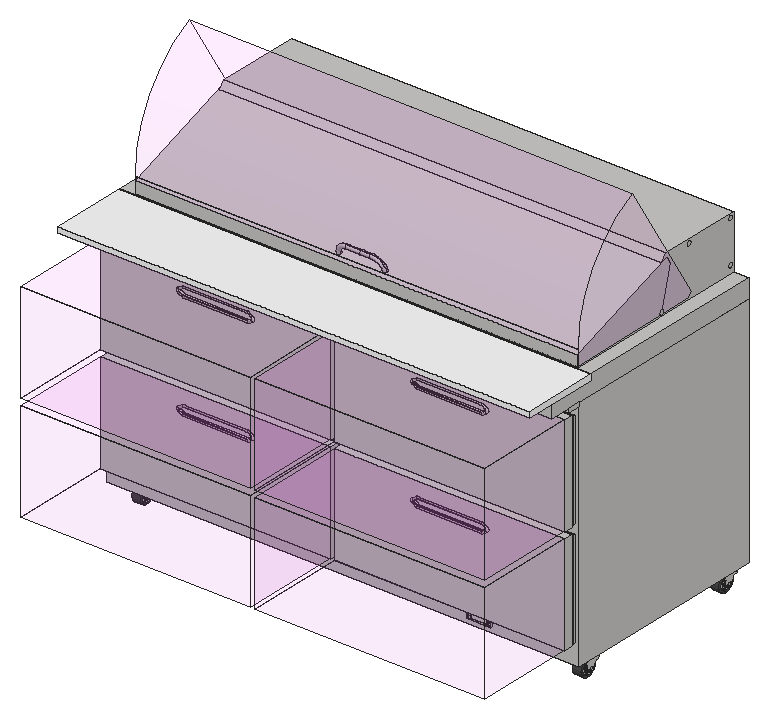
Revit family "QF_Kelvinator_738288_KCHMT60.24.2D_4-Drawer_Mega_Top_Prep_Table_60_Long", category Specialty Equipment, Revit 2021
Family settings
  Round Connector Dimension = Use Diameter
  Part Type = Normal
  Work Plane-Based = No
  Always vertical = Yes
  Cut with Voids When Loaded = No
  Shared = No
  Room Calculation Point = No
Parameters
  Weight in Pounds = 385.809
  Watts = 800 W
  Volts = 115 V
  URL Cutsheet = ""
  Specification by User = ""
  Specification by Manufacturer = ""
  Serial Number = ""
  Seismic Rating = ""
  SMACNA No = ""
  Revision Code = ""
  Refrigerant Type [instance] = "R290"
  Phase = 1
  Number of Poles = 1
  NAFEM Spec ID Number = ""
  Model = "738288 (KCHMT60.18.4D)"
  Min Ckt Ampacity = 0 A
  Max Overcurrent Protection = 0 A
  Masterspec = ""
  Manufacturer = "Kelvinator Commercial"
  Length = 61.220"
  Item Number = "738288"
  Installed By = ""
  Identify Quantity as Lot = yes
  Height = 43.307"
  HP = "1/3"
  Furnished By = ""
  Foodservice Equipment Identifier = yes
  FL Amps = 4.3 A
  Electrical Remarks = ""
  Electric Connection Type = ""
  Elec Conn RI Height = 0.000"
  Elec Conn Connection Height = 0.000"
  Description = "4-Drawer Mega Top Prep Table 61\" Long"
  Depth = 35.433"
  Default Elevation = 0.000"
  Cycle = 60 Hz
  Conn Plug = "5-15P"
  Conn Conduit = yes
  CSI MasterFormat = ""
  Apparent Power = 0 VA
Reference planes (in)
  plane 1 "BACK": y = 0
  plane 2: z = 0
  plane 3 "LEFT": x = 0
  plane 4 "RIGHT": x = 61.22
  plane 5 "FRONT": y = -35.433
  plane 6 "TOP": z = 43.307
  plane 7 "Center Y": x = 30.61
  plane 8 "Center X": y = -17.7165
Dimensions and locks (in)
  equal spacing: plane 3 "LEFT", plane 7 "Center Y", plane 4 "RIGHT"
  "Length": plane 3 "LEFT" to plane 4 "RIGHT"
  equal spacing: plane 5 "FRONT", plane 8 "Center X", plane 1 "BACK"
  "Depth": plane 5 "FRONT" to plane 1 "BACK"
  "Height": plane 6 "TOP" to level
  aligned and locked: level to plane 2
Nested families (in)
  nested 1: "KCHST" at (0, 0, 0), type "KCHST"
    with Show Clearance yes
Connectors (in)
  electrical at (30.595, -0.87772, 2.31881), driven by "Volts", driven by "Watts"
    settings: on nested 1, index 1, voltage 115 V, apparent load 800 VA, apparent load phase1 0 VA, apparent load phase2 0 VA, apparent load phase3 0 VA, power factor 1, load classification "Power", number of poles 1, system type 30, power factor state 1, is connector primary yes, connector utility no, sub classification motor no, connector description "Electrical Connection"
Definition of nested family "KCHST"
  Parameters (values of type "KCHST")
    Weight in Pounds = 0
    URL Cutsheet = ""
    Specification by User = ""
    Specification by Manufacturer = ""
    Show Clearance [instance] = yes
    Serial Number = ""
    Seismic Rating = ""
    SMACNA No = ""
    Revision Code = ""
    NAFEM Spec ID Number = ""
    Masterspec = ""
    Length = 61.220"
    Item Number = ""
    Installed By = ""
    Identify Quantity as Lot = yes
    Height = 43.307"
    Furnished By = ""
    Foodservice Equipment Identifier = yes
    Depth = 35.433"
    Default Elevation = 0.000"
    CSI MasterFormat = ""
  Reference planes (in)
    plane 1 "BACK": y = 0
    plane 2: z = 0
    plane 3 "LEFT": x = 0
    plane 4 "RIGHT": x = 61.22
    plane 5 "FRONT": y = -35.433
    plane 6 "TOP": z = 43.307
    plane 7 "Center Y": x = 30.61
    plane 8 "Center X": y = -17.7165
    plane 9: z = 3.1
    plane 10: z = 33.9
    plane 11: y = -25.5
    plane 12: z = 36.307
    plane 13: y = -56
    plane 14: y = -29.2
    plane 15: z = 32.4
    plane 16: z = 5.6
    plane 17: y = -27.5
    plane 18: x = 59.22
    plane 19: x = 2
    plane 20: x = 15.42351
    plane 21: x = 45.82976
    plane 22: x = 59.345
    plane 23: x = 1.875
    plane 24: x = 1.945
    plane 25: x = 59.275
    plane 26: x = 0.5
    plane 27: x = 60.72
    plane 28: y = -31.9
    plane 29: z = 19.4
    plane 30: z = 18.6
    plane 31: z = 19.6
    plane 32: z = 5.8
  Forms (in)
    Extrusion 1, solid
      sketch origin (0, 0, 0) x (0, 1, 0) y (0, 0, 1)
        loop
          line (-27.5, 33.9) -> (-27.5, 3.1) -> (0, 3.1) -> (0, 33.9) -> (-27.5, 33.9)
      from 0 to 61.22
    Extrusion 2, solid
      sketch origin (0, 0, 0) x (0, 1, 0) y (0, 0, 1)
        loop
          line (-25.5, 36.307) -> (-25.5, 35.557) -> (-31.9, 35.557) -> (-31.9, 33.9) -> (0, 33.9) -> (0, 36.307) -> (-25.5, 36.307)
      from 0 to 61.22
    Extrusion 3, solid
      sketch origin (0, 0, 0) x (0, 1, 0) y (0, 0, 1)
        loop
          line (-35.433, 36.307) -> (-35.433, 35.557) -> (-25.5, 35.557) -> (-25.5, 36.307) -> (-35.433, 36.307)
      from 0 to 61.22
    Extrusion 4, solid
      sketch origin (0, 0, 0) x (0, 1, 0) y (0, 0, 1)
        loop
          line (-25.25, 36.307) -> (-12.40435, 36.3073)
          arc (-12.40435, 36.3073) -> (-12.06401, 36.40719) -> (-11.82007, 36.66468) r 0.68096
          line (-11.82007, 36.66468) -> (-10.4206, 41.90007) -> (-10.85311, 42.7135) -> (-25.25, 37.807) -> (-25.25, 36.307)
      from 1.875 to 59.345
    Extrusion 5, solid
      sketch origin (0, 0, 0) x (0, 1, 0) y (0, 0, 1)
        loop
          line (-12.40434, 36.307) -> (0, 36.307) -> (0, 43.307) -> (-10.99775, 43.307) -> (-11.58118, 42.47377) -> (-10.85311, 42.7135) -> (-10.4206, 41.90007) -> (-11.82007, 36.66468)
          arc (-11.82007, 36.66468) -> (-12.06401, 36.40719) -> (-12.40434, 36.307) r 0.68096
      from 1.945 to 59.275
    Extrusion 6, solid
      sketch origin (59.345, 4.71875, 0) x (0, 1, 0) y (0, 0, 1)
        loop
          circle (-16.51178, 36.83247) r 0.25
      from 0 to 0.07437
    Extrusion 7, solid
      sketch origin (59.275, -0.03482, 0) x (0, 1, 0) y (0, 0, 1)
        loop
          circle (-0.51178, 37.33247) r 0.25
      from 0 to 0.07
    Extrusion 8, solid
      sketch origin (59.275, -0.03482, 0) x (0, 1, 0) y (0, 0, 1)
        loop
          circle (-0.51178, 42.84497) r 0.25
      from 0 to 0.07
    Extrusion 9, solid
      sketch origin (59.275, -0.03482, 0) x (0, 1, 0) y (0, 0, 1)
        loop
          circle (-7.26178, 42.84497) r 0.25
      from 0 to 0.07
    Extrusion 10, solid
      sketch origin (1.945, 0, 0) x (0, -1, 0) y (0, 0, 1)
        loop
          circle (0.5466, 37.33247) r 0.25
      from 0 to 0.07
    Extrusion 11, solid
      sketch origin (1.945, 0, 0) x (0, -1, 0) y (0, 0, 1)
        loop
          circle (0.5466, 42.84497) r 0.25
      from 0 to 0.07
    Extrusion 12, solid
      sketch origin (1.945, 0, 0) x (0, -1, 0) y (0, 0, 1)
        loop
          circle (7.2966, 42.84497) r 0.25
      from 0 to 0.07
    Sweep 13, solid
      path origin (0, 3.95717, 8.33321) x (1, 0, 0) y (0, -0.312748, 0.949836)
        loop
          line (28.2975, 37.02813) -> (28.2975, 37.18438)
          arc (28.2975, 37.18438) -> (28.51717, 37.71471) -> (29.0475, 37.93438) r 0.75
          line (29.0475, 37.93438) -> (30.9225, 37.93438) -> (32.1725, 37.93438)
          arc (32.1725, 37.93438) -> (32.70283, 37.71471) -> (32.9225, 37.18438) r 0.75
          line (32.9225, 37.18438) -> (32.9225, 37.02813)
      profile origin (31.5475, -7.90674, 44.36465) x (0, -0.312748, 0.949836) y (0, -0.949836, -0.312748)
        loop
          circle (0.69146, 17.59878) r 0.25
    Extrusion 14, solid
      sketch origin (0, 0, 0) x (0, 1, 0) y (0, 0, 1)
        loop
          line (-29.2, 33.9) -> (-29.2, 33.4) -> (-27.5, 33.4) -> (-27.5, 33.9) -> (-29.2, 33.9)
      from 0 to 61.22
    Extrusion 15, solid
      sketch origin (30.61, 6.90541, 48) x (0, 1, 0) y (0, 0, 1)
        loop
          line (-36.10541, -15.6) -> (-36.10541, -28.6) -> (-34.95211, -28.6) -> (-34.95211, -15.6) -> (-36.10541, -15.6)
      from -0.25 to -30.125
    Extrusion 16, solid
      sketch origin (0, 0, 0) x (0, 1, 0) y (0, 0, 1)
        loop
          line (-28.04671, 32.20449) -> (-28.04671, 19.6) -> (-27.79671, 19.6) -> (-27.79671, 32.20449) -> (-28.04671, 32.20449)
      from 0.74536 to 30.10166
    Extrusion 17, solid
      sketch origin (0, 0.25, 0) x (0, 1, 0) y (0, 0, 1)
        loop
          line (-28.04671, 32.20449) -> (-28.04671, 19.6) -> (-27.864, 19.6) -> (-27.864, 32.20449) -> (-28.04671, 32.20449)
      from 0.74536 to 30.10166
    Extrusion 18, solid
      sketch origin (0, 0.4327, 0) x (0, 1, 0) y (0, 0, 1)
        loop
          line (-28.04671, 32.20449) -> (-28.04671, 19.6) -> (-27.9327, 19.6) -> (-27.9327, 32.20449) -> (-28.04671, 32.20449)
      from 0.74536 to 30.10166
    Extrusion 19, solid
      sketch origin (-5.72957, -27.5, -4.77927) x (-1, 0, 0) y (0, 0, 1)
        loop
          line (-52.44258, 9.70772) -> (-55.59219, 9.70772) -> (-55.59219, 8.52662) -> (-52.44258, 8.52662) -> (-52.44258, 9.70772)
        loop
          line (-52.52132, 9.63107) -> (-52.91503, 9.63107) -> (-52.91503, 9.31193) -> (-52.52132, 9.31193) -> (-52.52132, 9.63107)
        loop
          line (-52.52132, 9.27674) -> (-52.91503, 9.27674) -> (-52.91503, 8.9576) -> (-52.52132, 8.9576) -> (-52.52132, 9.27674)
        loop
          line (-52.52132, 8.92241) -> (-52.91503, 8.92241) -> (-52.91503, 8.60327) -> (-52.52132, 8.60327) -> (-52.52132, 8.92241)
        loop
          line (-55.51345, 9.63107) -> (-55.51345, 9.31193) -> (-55.11975, 9.31193) -> (-55.11975, 9.63107) -> (-55.51345, 9.63107)
        loop
          line (-55.51345, 9.27674) -> (-55.51345, 8.9576) -> (-55.11975, 8.9576) -> (-55.11975, 9.27674) -> (-55.51345, 9.27674)
        loop
          line (-55.51345, 8.92241) -> (-55.51345, 8.60327) -> (-55.11975, 8.60327) -> (-55.11975, 8.92241) -> (-55.51345, 8.92241)
        loop
          line (-52.99251, 9.63107) -> (-55.04227, 9.63107) -> (-55.04227, 8.60716) -> (-52.99251, 8.60716) -> (-52.99251, 9.63107)
      from 0.07874 to -0.04602
    Extrusion 20, solid
      sketch origin (-5.72957, -27.54602, -4.77927) x (1, 0, 0) y (0, 0, 1)
        loop
          line (55.11975, 9.63107) -> (55.11975, 9.31193) -> (55.51345, 9.31193) -> (55.51345, 9.63107) -> (55.11975, 9.63107)
        loop
          line (55.11975, 9.27674) -> (55.11975, 8.9576) -> (55.51345, 8.9576) -> (55.51345, 9.27674) -> (55.11975, 9.27674)
        loop
          line (55.11975, 8.92241) -> (55.11975, 8.60327) -> (55.51345, 8.60327) -> (55.51345, 8.92241) -> (55.11975, 8.92241)
        loop
          line (52.91503, 9.63107) -> (52.52132, 9.63107) -> (52.52132, 9.31193) -> (52.91503, 9.31193) -> (52.91503, 9.63107)
        loop
          line (52.91503, 9.27674) -> (52.52132, 9.27674) -> (52.52132, 8.9576) -> (52.91503, 8.9576) -> (52.91503, 9.27674)
        loop
          line (52.91503, 8.92241) -> (52.52132, 8.92241) -> (52.52132, 8.60327) -> (52.91503, 8.60327) -> (52.91503, 8.92241)
      from 0 to -0.07874
    Extrusion 21, solid
      sketch origin (-5.72957, -27.54602, -4.77927) x (1, 0, 0) y (0, 0, 1)
        loop
          line (52.99251, 9.63107) -> (52.99251, 8.60716) -> (55.04227, 8.60716) -> (55.04227, 9.63107) -> (52.99251, 9.63107)
      from 0 to -0.07874
    Extrusion 22, void
      sketch origin (-5.72957, -27.5, -4.77927) x (-1, 0, 0) y (0, 0, 1)
        loop
          line (-52.44258, 9.70772) -> (-55.59219, 9.70772) -> (-55.59219, 8.52662) -> (-52.44258, 8.52662) -> (-52.44258, 9.70772)
      from 0 to 0.07874
    Extrusion 23, void
      sketch origin (-37.40318, -29.19996, 32.3306) x (0, 0, 1) y (1, 0, 0)
        loop
          line (-1.94791, 48.65169) -> (-1.94791, 57.00169) -> (-2.28604, 57.54269)
          arc (-2.28604, 57.54269) -> (-2.38541, 57.59777) -> (-2.48479, 57.54269) r 0.11719
          line (-2.48479, 57.54269) -> (-2.82291, 57.00169) -> (-2.82291, 48.65169) -> (-2.48621, 48.11297)
          arc (-2.48621, 48.11297) -> (-2.38541, 48.0571) -> (-2.28462, 48.11297) r 0.11887
          line (-2.28462, 48.11297) -> (-1.94791, 48.65169)
      from 0 to 0.31887
    Sweep 24, solid
      path origin (-37.40318, -26.39996, 32.3306) x (0, 0, -1) y (1, 0, 0)
        loop
          line (2.82291, 57.00169) -> (2.48479, 57.54269)
          arc (2.48479, 57.54269) -> (2.38541, 57.59777) -> (2.28604, 57.54269) r 0.11719
          line (2.28604, 57.54269) -> (1.94791, 57.00169) -> (1.94791, 48.65169) -> (2.28462, 48.11297)
          arc (2.28462, 48.11297) -> (2.38541, 48.0571) -> (2.48621, 48.11297) r 0.11887
          line (2.48621, 48.11297) -> (2.82291, 48.65169) -> (2.82291, 57.00169)
      profile origin (15.42351, -26.39996, 29.50769) x (0, 0, -1) y (0, -1, 0)
        loop
          line (0, 2.8) -> (0.25, 2.8)
          arc (0.25, 2.8) -> (0.125, 2.85269) -> (0, 2.8) r 0.17461
    Extrusion 25, solid
      sketch origin (-16.15625, -3.56521, 3.1) x (-1, 0, 0) y (0, 1, 0)
        loop
          circle (-46.75125, 2.68749) r 0.25
      from 0 to 0.78119
    Extrusion 26, solid
      sketch origin (30.61, 6.90541, 48) x (0, 1, 0) y (0, 0, -1)
        loop
          line (-36.10541, 15.6) -> (-34.95211, 15.6) -> (-34.95211, 28.6) -> (-36.10541, 28.6) -> (-36.10541, 15.6)
      from -0.25 to -30.095
    Extrusion 27, solid
      sketch origin (48.25, 0, 0) x (0, 1, 0) y (0, 0, -1)
        loop
          line (-28.04671, -32.20449) -> (-27.79671, -32.20449) -> (-27.79671, -19.6) -> (-28.04671, -19.6) -> (-28.04671, -32.20449)
      from -12.26316 to 17.10364
    Extrusion 28, solid
      sketch origin (48.25, 0.25, 0) x (0, 1, 0) y (0, 0, -1)
        loop
          line (-28.04671, -32.20449) -> (-27.864, -32.20449) -> (-27.864, -19.6) -> (-28.04671, -19.6) -> (-28.04671, -32.20449)
      from -12.5 to 17.10364
    Extrusion 29, solid
      sketch origin (48.25, 0.4327, 0) x (0, 1, 0) y (0, 0, -1)
        loop
          line (-28.04671, -32.20449) -> (-27.9327, -32.20449) -> (-27.9327, -19.6) -> (-28.04671, -19.6) -> (-28.04671, -32.20449)
      from -12.26316 to 17.10364
    Extrusion 30, void
      sketch origin (85.65318, -29.19996, 32.3306) x (0, 0, 1) y (1, 0, 0)
        loop
          line (-1.94791, -35.64842) -> (-2.28462, -35.1097)
          arc (-2.28462, -35.1097) -> (-2.38541, -35.05383) -> (-2.48621, -35.1097) r 0.11887
          line (-2.48621, -35.1097) -> (-2.82291, -35.64842) -> (-2.82291, -43.99842) -> (-2.48479, -44.53942)
          arc (-2.48479, -44.53942) -> (-2.38541, -44.5945) -> (-2.28604, -44.53942) r 0.11719
          line (-2.28604, -44.53942) -> (-1.94791, -43.99842) -> (-1.94791, -35.64842)
      from 0 to 0.31887
    Sweep 31, solid
      path origin (85.65318, -26.39996, 32.3306) x (0, 0, -1) y (1, 0, 0)
        loop
          line (2.82291, -43.99842) -> (2.82291, -35.64842) -> (2.48621, -35.1097)
          arc (2.48621, -35.1097) -> (2.38541, -35.05383) -> (2.28462, -35.1097) r 0.11887
          line (2.28462, -35.1097) -> (1.94791, -35.64842) -> (1.94791, -43.99842) -> (2.28604, -44.53942)
          arc (2.28604, -44.53942) -> (2.38541, -44.5945) -> (2.48479, -44.53942) r 0.11719
          line (2.48479, -44.53942) -> (2.82291, -43.99842)
      profile origin (45.82976, -26.39996, 29.50769) x (0, 0, 1) y (0, -1, 0)
        loop
          arc (0, 2.8) -> (-0.125, 2.85269) -> (-0.25, 2.8) r 0.17461
          line (-0.25, 2.8) -> (0, 2.8)
    Extrusion 32, solid
      sketch origin (1.875, 0, 0) x (0, 1, 0) y (0, 0, -1)
        loop
          circle (-12.25953, -36.83247) r 0.25
      from 0 to 0.07437
    Extrusion 33, solid
      sketch origin (30.61, 6.90541, 34.2) x (0, 1, 0) y (0, 0, 1)
        loop
          line (-36.10541, -15.6) -> (-36.10541, -28.6) -> (-34.95211, -28.6) -> (-34.95211, -15.6) -> (-36.10541, -15.6)
      from -0.25 to -30.125
    Extrusion 34, solid
      sketch origin (0, 0, -13.8) x (0, 1, 0) y (0, 0, 1)
        loop
          line (-28.04671, 32.20449) -> (-28.04671, 19.6) -> (-27.79671, 19.6) -> (-27.79671, 32.20449) -> (-28.04671, 32.20449)
      from 0.74536 to 30.10166
    Extrusion 35, solid
      sketch origin (0, 0.25, -13.8) x (0, 1, 0) y (0, 0, 1)
        loop
          line (-28.04671, 32.20449) -> (-28.04671, 19.6) -> (-27.864, 19.6) -> (-27.864, 32.20449) -> (-28.04671, 32.20449)
      from 0.74536 to 30.10166
    Extrusion 36, solid
      sketch origin (0, 0.4327, -13.8) x (0, 1, 0) y (0, 0, 1)
        loop
          line (-28.04671, 32.20449) -> (-28.04671, 19.6) -> (-27.9327, 19.6) -> (-27.9327, 32.20449) -> (-28.04671, 32.20449)
      from 0.74536 to 30.10166
    Extrusion 37, void
      sketch origin (-37.40318, -29.19996, 18.5306) x (0, 0, 1) y (1, 0, 0)
        loop
          line (-1.94791, 48.65169) -> (-1.94791, 57.00169) -> (-2.28604, 57.54269)
          arc (-2.28604, 57.54269) -> (-2.38541, 57.59777) -> (-2.48479, 57.54269) r 0.11719
          line (-2.48479, 57.54269) -> (-2.82291, 57.00169) -> (-2.82291, 48.65169) -> (-2.48621, 48.11297)
          arc (-2.48621, 48.11297) -> (-2.38541, 48.0571) -> (-2.28462, 48.11297) r 0.11887
          line (-2.28462, 48.11297) -> (-1.94791, 48.65169)
      from 0 to 0.31887
    Sweep 38, solid
      path origin (-37.40318, -26.39996, 18.5306) x (0, 0, -1) y (1, 0, 0)
        loop
          line (2.82291, 57.00169) -> (2.48479, 57.54269)
          arc (2.48479, 57.54269) -> (2.38541, 57.59777) -> (2.28604, 57.54269) r 0.11719
          line (2.28604, 57.54269) -> (1.94791, 57.00169) -> (1.94791, 48.65169) -> (2.28462, 48.11297)
          arc (2.28462, 48.11297) -> (2.38541, 48.0571) -> (2.48621, 48.11297) r 0.11887
          line (2.48621, 48.11297) -> (2.82291, 48.65169) -> (2.82291, 57.00169)
      profile origin (15.42351, -26.39996, 15.70769) x (0, 0, -1) y (0, -1, 0)
        loop
          line (0, 2.8) -> (0.25, 2.8)
          arc (0.25, 2.8) -> (0.125, 2.85269) -> (0, 2.8) r 0.17461
    Extrusion 39, solid
      sketch origin (30.61, 6.90541, 34.2) x (0, 1, 0) y (0, 0, -1)
        loop
          line (-36.10541, 15.6) -> (-34.95211, 15.6) -> (-34.95211, 28.6) -> (-36.10541, 28.6) -> (-36.10541, 15.6)
      from -0.25 to -30.125
    Extrusion 40, solid
      sketch origin (48.25, 0, -13.8) x (0, 1, 0) y (0, 0, -1)
        loop
          line (-28.04671, -32.20449) -> (-27.79671, -32.20449) -> (-27.79671, -19.6) -> (-28.04671, -19.6) -> (-28.04671, -32.20449)
      from -12.26316 to 17.10364
    Extrusion 41, solid
      sketch origin (48.25, 0.25, -13.8) x (0, 1, 0) y (0, 0, -1)
        loop
          line (-28.04671, -32.20449) -> (-27.864, -32.20449) -> (-27.864, -19.6) -> (-28.04671, -19.6) -> (-28.04671, -32.20449)
      from -12.5 to 17.10364
    Extrusion 42, solid
      sketch origin (48.25, 0.4327, -13.8) x (0, 1, 0) y (0, 0, -1)
        loop
          line (-28.04671, -32.20449) -> (-27.9327, -32.20449) -> (-27.9327, -19.6) -> (-28.04671, -19.6) -> (-28.04671, -32.20449)
      from -12.26316 to 17.10364
    Extrusion 43, void
      sketch origin (85.65318, -29.19996, 18.5306) x (0, 0, 1) y (1, 0, 0)
        loop
          line (-1.94791, -35.64842) -> (-2.28462, -35.1097)
          arc (-2.28462, -35.1097) -> (-2.38541, -35.05383) -> (-2.48621, -35.1097) r 0.11887
          line (-2.48621, -35.1097) -> (-2.82291, -35.64842) -> (-2.82291, -43.99842) -> (-2.48479, -44.53942)
          arc (-2.48479, -44.53942) -> (-2.38541, -44.5945) -> (-2.28604, -44.53942) r 0.11719
          line (-2.28604, -44.53942) -> (-1.94791, -43.99842) -> (-1.94791, -35.64842)
      from 0 to 0.31887
    Sweep 44, solid
      path origin (85.65318, -26.39996, 18.5306) x (0, 0, -1) y (1, 0, 0)
        loop
          line (2.82291, -43.99842) -> (2.82291, -35.64842) -> (2.48621, -35.1097)
          arc (2.48621, -35.1097) -> (2.38541, -35.05383) -> (2.28462, -35.1097) r 0.11887
          line (2.28462, -35.1097) -> (1.94791, -35.64842) -> (1.94791, -43.99842) -> (2.28604, -44.53942)
          arc (2.28604, -44.53942) -> (2.38541, -44.5945) -> (2.48479, -44.53942) r 0.11719
          line (2.48479, -44.53942) -> (2.82291, -43.99842)
      profile origin (45.82976, -26.39996, 15.70769) x (0, 0, 1) y (0, -1, 0)
        loop
          arc (0, 2.8) -> (-0.125, 2.85269) -> (-0.25, 2.8) r 0.17461
          line (-0.25, 2.8) -> (0, 2.8)
    Extrusion 45, solid, visible <- "Show Clearance"
      sketch origin (0.485, 6.90541, 48) x (0, -1, 0) y (0, 0, 1)
        loop
          line (36.10541, -15.6) -> (36.10541, -28.6) -> (49.10541, -28.6) -> (49.10541, -15.6) -> (36.10541, -15.6)
        loop
          line (36.10541, -29.4) -> (36.10541, -42.4) -> (49.10541, -42.4) -> (49.10541, -29.4) -> (36.10541, -29.4)
      from 0 to -29.875
    Extrusion 46, solid, visible <- "Show Clearance"
      sketch origin (30.90625, 6.90541, 48) x (0, -1, 0) y (0, 0, 1)
        loop
          line (36.10541, -15.6) -> (36.10541, -28.6) -> (49.10541, -28.6) -> (49.10541, -15.6) -> (36.10541, -15.6)
        loop
          line (36.10541, -29.4) -> (36.10541, -42.4) -> (49.10541, -42.4) -> (49.10541, -29.4) -> (36.10541, -29.4)
      from 0 to -29.875
    Extrusion 47, solid, visible <- "Show Clearance"
      sketch origin (1.875, 0, 0) x (0, -1, 0) y (0, 0, 1)
        loop
          line (7.46898, 36.4265) -> (25.25, 36.4265) -> (25.25, 38.31521)
          arc (25.25, 38.31521) -> (22.89455, 46.7261) -> (16.51337, 52.69032) r 16.19461
          line (16.51337, 52.69032) -> (6.79521, 37.0548) -> (7.46898, 36.4265)
      from 0 to -57.5
  Cuts and joins
    Extrusion 22 cuts Extrusion 19
    Extrusion 23, Extrusion 30, Extrusion 37 cuts Extrusion 15
    Extrusion 30, Extrusion 43 cuts Extrusion 26
    joined: Extrusion 4, Sweep 13
    Extrusion 37 cuts Extrusion 33
    Extrusion 43 cuts Extrusion 39
  Lines and regions (in)
    symbolic lines
      curve 1: line (61.22, -35.433, 0) -> (61.22, 0, 0)
      curve 2: line (61.22, 0, 0) -> (0, 0, 0)
      curve 3: line (0, 0, 0) -> (0, -35.433, 0)
      curve 4: line (0, -25.5, 0) -> (27.99316, -25.5, 0)
      curve 5: line (0, -35.433, 0) -> (61.22, -35.433, 0)
      curve 6: line (0, -25.25, 0) -> (33.4566, -25.25, 0)
      curve 7: line (1.945, -11.58118, 0) -> (59.275, -11.58118, 0)
      curve 8: line (1.945, -10.99775, 0) -> (59.275, -10.99775, 0)
      curve 9: line (59.275, -11.58118, 0) -> (59.275, 0, 0)
      curve 10: line (59.345, -12.00953, 0) -> (59.41937, -12.00953, 0)
      curve 11: line (59.345, -12.50953, 0) -> (59.41937, -12.50953, 0)
      curve 12: line (59.345, -10.4206, 0) -> (59.275, -10.4206, 0)
      curve 13: line (59.345, -10.85311, 0) -> (59.275, -10.85311, 0)
      curve 14: line (59.345, -8.0131, 0) -> (59.275, -8.0131, 0)
      curve 15: line (59.345, -7.5131, 0) -> (59.275, -7.5131, 0)
      curve 16: line (59.345, -0.7966, 0) -> (59.275, -0.7966, 0)
      curve 17: line (59.345, -0.2966, 0) -> (59.275, -0.2966, 0)
      curve 18: spline (27.35604, -24.32355, 0) -> (27.36456, -24.26642, 0) -> (27.38953, -24.21318, 0) -> (27.42926, -24.16746, 0) -> (27.48104, -24.13238, 0) -> (27.54134, -24.11033, 0) -> (27.60604, -24.10281, 0) -> (27.67075, -24.11033, 0) -> (27.73104, -24.13238, 0) -> (27.78282, -24.16746, 0) -> (27.82255, -24.21318, 0) -> (27.84752, -24.26642, 0) -> (27.85604, -24.32355, 0)
      curve 19: spline (33.36396, -24.32355, 0) -> (33.37248, -24.26642, 0) -> (33.39745, -24.21318, 0) -> (33.43718, -24.16746, 0) -> (33.48896, -24.13238, 0) -> (33.54925, -24.11033, 0) -> (33.61396, -24.10281, 0) -> (33.67866, -24.11033, 0) -> (33.73896, -24.13238, 0) -> (33.79074, -24.16746, 0) -> (33.83047, -24.21318, 0) -> (33.85544, -24.26642, 0) -> (33.86396, -24.32355, 0)
      curve 20: line (30.61, -24.58998, 0) -> (32.20072, -24.58998, 0)
      curve 21: line (30.61, -25.09118, 0) -> (32.26772, -25.09118, 0)
      curve 22: line (33.86396, -24.32355, 0) -> (33.86396, -24.35464, 0)
      curve 23: line (33.36396, -24.32355, 0) -> (33.36396, -24.35464, 0)
      curve 24: line (27.35604, -24.32355, 0) -> (27.35604, -24.35464, 0)
      curve 25: line (27.85604, -24.32355, 0) -> (27.85604, -24.35464, 0)
      curve 26: line (33.4566, -25.25, 0) -> (61.22, -25.25, 0)
      curve 27: line (27.99316, -25.5, 0) -> (61.22, -25.5, 0)
      curve 34: line (59.345, -7.5131, 0) -> (59.345, -8.0131, 0)
      curve 35: line (59.345, -10.4206, 0) -> (59.345, -25.25, 0)
      curve 36: line (59.41937, -12.00953, 0) -> (59.41937, -12.50953, 0)
      curve 37: line (59.345, -0.7966, 0) -> (59.345, -0.2966, 0)
      curve 38: line (1.945, -11.58118, 0) -> (1.945, 0, 0)
      curve 39: line (1.875, -12.00953, 0) -> (1.80063, -12.00953, 0)
      curve 40: line (1.875, -12.50953, 0) -> (1.80063, -12.50953, 0)
      curve 41: line (1.875, -10.4206, 0) -> (1.945, -10.4206, 0)
      curve 42: line (1.875, -10.85311, 0) -> (1.945, -10.85311, 0)
      curve 43: line (1.875, -8.0131, 0) -> (1.945, -8.0131, 0)
      curve 44: line (1.875, -7.5131, 0) -> (1.945, -7.5131, 0)
      curve 45: line (1.875, -0.7966, 0) -> (1.945, -0.7966, 0)
      curve 46: line (1.875, -0.2966, 0) -> (1.945, -0.2966, 0)
      curve 47: line (1.875, -7.5131, 0) -> (1.875, -8.0131, 0)
      curve 48: line (1.875, -10.4206, 0) -> (1.875, -25.25, 0)
      curve 49: line (1.80063, -12.00953, 0) -> (1.80063, -12.50953, 0)
      curve 50: line (1.875, -0.7966, 0) -> (1.875, -0.2966, 0)
      curve 51: arc (33.86396, -24.35464, 0) -> (33.84861, -24.47964, 0) -> (33.80348, -24.59722, 0) r 0.5167
      curve 52: arc (33.80348, -24.59722, 0) -> (33.7186, -24.71192, 0) -> (33.60389, -24.7968, 0) r 0.48271
      curve 53: arc (33.60389, -24.7968, 0) -> (33.35629, -24.90964, 0) -> (33.09679, -24.99146, 0) r 2.22854
      curve 54: arc (33.09679, -24.99146, 0) -> (32.67395, -25.06859, 0) -> (32.24474, -25.09118, 0) r 3.36432
      curve 55: arc (33.36396, -24.35464, 0) -> (33.12964, -24.46595, 0) -> (32.87646, -24.5225, 0) r 1.16212
      curve 56: arc (32.87646, -24.5225, 0) -> (32.54027, -24.57307, 0) -> (32.20072, -24.58998, 0) r 3.41713
      curve 57: line (30.61, -24.58998, 0) -> (29.01928, -24.58998, 0)
      curve 58: line (30.61, -25.09118, 0) -> (28.95228, -25.09118, 0)
      curve 59: line (27.85604, -24.32355, 0) -> (27.85604, -24.35464, 0)
      curve 60: arc (27.35604, -24.35464, 0) -> (27.37138, -24.47962, 0) -> (27.4165, -24.59718, 0) r 0.5167
      curve 61: arc (27.4165, -24.59718, 0) -> (27.50139, -24.71191, 0) -> (27.61611, -24.7968, 0) r 0.48271
      curve 62: arc (27.61611, -24.7968, 0) -> (27.86371, -24.90964, 0) -> (28.12321, -24.99146, 0) r 2.22854
      curve 63: arc (28.12321, -24.99146, 0) -> (28.54605, -25.06859, 0) -> (28.97526, -25.09118, 0) r 3.36432
      curve 64: arc (27.85604, -24.35464, 0) -> (28.09036, -24.46595, 0) -> (28.34354, -24.5225, 0) r 1.16212
      curve 65: arc (28.34354, -24.5225, 0) -> (28.67973, -24.57307, 0) -> (29.01928, -24.58998, 0) r 3.41713
    symbolic lines, visible <- "Show Clearance"
      curve 28: line (0.5, -43.133, 0) -> (30.36, -43.133, 0)
      curve 29: line (30.36, -43.133, 0) -> (30.36, -35.433, 0)
      curve 30: line (0.5, -43.133, 0) -> (0.5, -35.433, 0)
      curve 31: line (30.86, -43.133, 0) -> (60.72, -43.133, 0)
      curve 32: line (60.72, -43.133, 0) -> (60.72, -35.433, 0)
      curve 33: line (30.86, -43.133, 0) -> (30.86, -35.433, 0)
  Dimensions and locks (in)
    equal spacing: plane 3 "LEFT", plane 7 "Center Y", plane 4 "RIGHT"
    "Length": plane 3 "LEFT" to plane 4 "RIGHT"
    equal spacing: plane 5 "FRONT", plane 8 "Center X", plane 1 "BACK"
    "Depth": plane 5 "FRONT" to plane 1 "BACK"
    "Height": plane 6 "TOP" to level
    plane 5 "FRONT" to plane 1 "BACK" = 35.433"
    plane 11 to plane 1 "BACK" = 25.500"
    plane 13 to plane 1 "BACK" = 56.000"
    locked: plane 4 "RIGHT" to plane 18 at 2
    locked: plane 3 "LEFT" to plane 19 at 2
    plane 23 to plane 22 = 57.470"
    locked: plane 4 "RIGHT" to plane 22 at 1.875
    locked: plane 3 "LEFT" to plane 23 at 1.875
    locked: plane 26 to plane 3 "LEFT" at 0.5
    locked: plane 27 to plane 4 "RIGHT" at 0.5
    locked: plane 22 to plane 25 at 0.07
    plane 3 "LEFT" to plane 4 "RIGHT" = 61.220"
    plane 28 to plane 1 "BACK" = 31.900"
    plane 12 to plane 6 "TOP" = 7.000"
    level to plane 12 = 36.307"
    aligned and locked: level to plane 2
    aligned and locked: plane 18 to nested 3
    aligned and locked: plane 18 to nested 1
    aligned and locked: nested 4 to plane 19
    aligned and locked: nested 2 to plane 19
    aligned and locked: Extrusion 1 to plane 4 "RIGHT"
    aligned and locked: Extrusion 2 to plane 4 "RIGHT"
    aligned and locked: Extrusion 14 to plane 4 "RIGHT"
    aligned and locked: Extrusion 3 to plane 4 "RIGHT"
    aligned and locked: cut or joined group of Extrusion 4, Sweep 13 to plane 22
    aligned and locked: plane 23 to cut or joined group of Extrusion 4, Sweep 13
    aligned and locked: plane 24 to Extrusion 5
    aligned and locked: Extrusion 5 to plane 25
  Automatic sketch dimensions
    curve 3 to plane 3 "LEFT" = 0.000"
    curve 28 to plane 26 = 0.000"
    curve 42 to plane 23 = 0.000"
    curve 43 to plane 23 = 0.000"
    curve 50 to plane 23 = 0.000"
    curve 45 to plane 24 = 0.000"
    plane 11 to curve 27 = 0.000"
    plane 5 "FRONT" to curve 29 = 0.000"
    curve 20 to plane 7 "Center Y" = 0.000"
    curve 58 to plane 7 "Center Y" = 0.000"
    plane 1 "BACK" to curve 9 = 0.000"
    curve 9 to plane 25 = 0.000"
    curve 10 to plane 22 = 0.000"
    curve 34 to plane 22 = 0.000"
    curve 16 to plane 22 = 0.000"
    curve 31 to plane 27 = 0.000"
    curve 26 to plane 4 "RIGHT" = 0.000"
    plane 23 to curve 40 = 0.07437"
    curve 24 to plane 7 "Center Y" = 3.25396"
    curve 24 to curve 61 = 0.48669"
    curve 61 to curve 25 = 0.01331"
    curve 64 to curve 60 = 0.0167"
    curve 61 to curve 27 = 0.15044"
    curve 18 to curve 64 = 0.61267"
    curve 64 to curve 62 = 0.19364"
    curve 62 to curve 63 = 0.27477"
    curve 60 to curve 57 = 1.14655"
    curve 28 to plane 7 "Center Y" = 0.250"
    plane 7 "Center Y" to curve 33 = 0.250"
    plane 7 "Center Y" to curve 56 = 1.59072"
    curve 56 to curve 54 = 0.08217"
    curve 54 to curve 53 = 0.27477"
    curve 53 to curve 55 = 0.19364"
    curve 55 to curve 51 = 0.59598"
    curve 51 to curve 23 = 0.0167"
    curve 23 to curve 52 = 0.01331"
    curve 6 to plane 11 = 0.250"
    curve 52 to curve 6 = 0.07932"
    curve 52 to curve 22 = 0.48669"
    curve 11 to curve 36 = 0.07437"
    plane 5 "FRONT" to curve 31 = 7.700"
    curve 29 to curve 31 = 0.000"
    curve 58 to plane 11 = 0.40882"
    curve 63 to curve 57 = 0.5012"
    curve 61 to plane 11 = 1.1294"
    curve 6 to curve 52 = 0.8794"
    curve 61 to curve 25 = 0.01596"
    curve 52 to curve 51 = 0.01596"
    curve 64 to curve 60 = 0.000"
    curve 51 to curve 23 = 0.000"
    curve 60 to curve 24 = 0.03109"
    curve 51 to curve 22 = 0.03109"
    curve 18 to curve 64 = 0.95641"
    curve 19 to curve 55 = 0.95641"
    curve 55 to curve 53 = 0.53802"
    curve 64 to curve 62 = 0.53802"
    curve 62 to curve 63 = 1.10204"
    curve 53 to curve 54 = 1.10204"
    curve 63 to curve 65 = 0.55422"
    curve 54 to curve 56 = 0.55422"
    plane 8 "Center X" to curve 11 = 5.20697"
    plane 8 "Center X" to curve 40 = 5.20697"
    curve 40 to curve 39 = 0.500"
    curve 11 to curve 36 = 0.500"
    curve 39 to curve 38 = 0.42835"
    curve 7 to curve 12 = 1.16058"
    curve 7 to curve 41 = 1.16058"
    curve 12 to curve 34 = 2.4075"
    curve 41 to curve 47 = 2.4075"
    curve 14 to curve 34 = 0.500"
    curve 43 to curve 47 = 0.500"
    plane 1 "BACK" to curve 16 = 0.7966"
    plane 1 "BACK" to curve 50 = 0.7966"
    plane 1 "BACK" to curve 37 = 0.2966"
    plane 1 "BACK" to curve 46 = 0.2966"
    curve 61 to curve 60 = 0.000"
    curve 62 to curve 61 = 0.000"
    curve 63 to curve 62 = 0.000"
    curve 58 to curve 63 = 0.02299"
    curve 56 to curve 54 = 0.04402"
    curve 54 to curve 21 = 0.02299"
    curve 53 to curve 54 = 0.000"
    curve 52 to curve 53 = 0.000"
    curve 8 to curve 41 = 0.57715"
    curve 8 to curve 13 = 0.14464"
    curve 8 to curve 42 = 0.14464"
    plane 9 to Extrusion 1 sketch curve = 0.000"
    Extrusion 1 sketch curve to plane 17 = 0.000"
    Extrusion 1 sketch curve to plane 1 "BACK" = 0.000"
    Extrusion 1 sketch curve to plane 10 = 0.000"
    Extrusion 2 sketch curve to plane 10 = 0.000"
    Extrusion 2 sketch curve to plane 28 = 0.000"
    Extrusion 2 sketch curve to plane 11 = 0.000"
    Extrusion 2 sketch curve to plane 1 "BACK" = 0.000"
    plane 12 to Extrusion 2 sketch curve = 0.000"
    Extrusion 2 sketch curve to Extrusion 2 sketch curve = 0.750"
    Extrusion 3 sketch curve to plane 5 "FRONT" = 0.000"
    Extrusion 3 sketch curve to plane 11 = 0.000"
    plane 12 to Extrusion 3 sketch curve = 0.000"
    Extrusion 3 sketch curve to Extrusion 3 sketch curve = 0.750"
    plane 12 to Extrusion 4 sketch curve = 0.000"
    Extrusion 4 sketch curve to plane 11 = 0.250"
    Extrusion 4 sketch curve to plane 12 = 0.6811"
    plane 8 "Center X" to Extrusion 4 sketch curve = 5.29717"
    Extrusion 4 sketch curve to plane 12 = 0.35768"
    Extrusion 4 sketch curve to Extrusion 4 sketch curve = 0.59925"
    Extrusion 4 sketch curve to plane 6 "TOP" = 0.5935"
    Extrusion 4 sketch curve to Extrusion 4 sketch curve = 1.56621"
    Extrusion 4 sketch curve to plane 6 "TOP" = 1.40693"
    Extrusion 4 sketch curve to Extrusion 4 sketch curve = 0.43251"
    Extrusion 4 sketch curve to plane 12 = 1.500"
    Extrusion 4 sketch curve to plane 12 = 0.0003"
    Extrusion 4 sketch curve to Extrusion 4 sketch curve = 0.00001"
    plane 12 to Extrusion 5 sketch curve = 0.000"
    Extrusion 5 sketch curve to plane 6 "TOP" = 0.000"
    Extrusion 5 sketch curve to plane 1 "BACK" = 0.000"
    Extrusion 5 sketch curve to plane 6 "TOP" = 1.40693"
    plane 8 "Center X" to Extrusion 5 sketch curve = 7.2959"
    Extrusion 5 sketch curve to plane 6 "TOP" = 0.5935"
    Extrusion 5 sketch curve to Extrusion 5 sketch curve = 0.43251"
    Extrusion 5 sketch curve to Extrusion 5 sketch curve = 0.14464"
    Extrusion 5 sketch curve to plane 6 "TOP" = 0.83323"
    Extrusion 5 sketch curve to Extrusion 5 sketch curve = 0.72807"
    Extrusion 5 sketch curve to plane 12 = 0.35768"
    Extrusion 5 sketch curve to Extrusion 5 sketch curve = 1.39947"
    Extrusion 5 sketch curve to Extrusion 5 sketch curve = 0.59925"
    Extrusion 5 sketch curve to Extrusion 5 sketch curve = 0.32342"
    Extrusion 5 sketch curve to Extrusion 5 sketch curve = 0.01499"
    Extrusion 5 sketch curve to plane 12 = 0.0003"
    Extrusion 6 sketch curve to Extrusion 4 = 0.52547"
    Extrusion 6 sketch curve to Extrusion 4 = 13.45697"
    Extrusion 7 sketch curve to Extrusion 5 = 0.5466"
    Extrusion 7 sketch curve to Extrusion 5 = 1.02547"
    Extrusion 8 sketch curve to Extrusion 5 = 0.5466"
    Extrusion 8 sketch curve to Extrusion 5 = 0.46203"
    Extrusion 9 sketch curve to Extrusion 5 = 0.46203"
    Extrusion 9 sketch curve to Extrusion 5 = 7.2966"
    Extrusion 10 sketch curve to Extrusion 5 = 0.5466"
    Extrusion 10 sketch curve to Extrusion 5 = 1.02547"
    Extrusion 11 sketch curve to Extrusion 5 = 0.5466"
    Extrusion 11 sketch curve to Extrusion 5 = 0.46203"
    Extrusion 12 sketch curve to Extrusion 5 = 0.46203"
    Extrusion 12 sketch curve to Extrusion 5 = 7.2966"
    Sweep 13 sketch curve to plane 7 "Center Y" = 2.3125"
    Sweep 13 sketch curve to Sweep 13 sketch curve = 0.750"  (x2)
    plane 7 "Center Y" to Sweep 13 sketch curve = 0.3125"
    Sweep 13 sketch curve to Sweep 13 sketch curve = 1.250"
    Sweep 13 sketch curve to Sweep 13 sketch curve = 0.15625"  (x2)
    Sweep 13 sketch curve to profile plane = 0.69146"
    profile plane to Sweep 13 sketch curve = 17.59878"
    Extrusion 14 sketch curve to plane 10 = 0.000"
    Extrusion 14 sketch curve to plane 14 = 0.000"
    Extrusion 14 sketch curve to plane 17 = 0.000"
    Extrusion 14 sketch curve to Extrusion 14 sketch curve = 0.500"
    Extrusion 15 sketch curve to plane 14 = 0.000"
    plane 29 to Extrusion 15 sketch curve = 0.000"
    plane 15 to Extrusion 15 sketch curve = 0.000"
    Extrusion 15 sketch curve to plane 17 = 0.54671"
    Extrusion 16 sketch curve to plane 31 = 0.000"
    Extrusion 16 sketch curve to plane 17 = 0.54671"
    Extrusion 16 sketch curve to Extrusion 16 sketch curve = 0.250"
    plane 15 to Extrusion 16 sketch curve = 0.19551"
    Extrusion 17 sketch curve to plane 31 = 0.000"
    Extrusion 17 sketch curve to plane 17 = 0.29671"
    Extrusion 17 sketch curve to plane 17 = 0.114"
    plane 15 to Extrusion 17 sketch curve = 0.19551"
    Extrusion 18 sketch curve to plane 31 = 0.000"
    Extrusion 18 sketch curve to plane 17 = 0.000"
    Extrusion 18 sketch curve to Extrusion 18 sketch curve = 0.114"
    plane 15 to Extrusion 18 sketch curve = 0.19551"
    plane 16 to Extrusion 19 sketch curve = 0.67154"
    Extrusion 19 sketch curve to plane 21 = 4.03286"
    Extrusion 19 sketch curve to Extrusion 19 sketch curve = 0.07874"  (x3)
    Extrusion 19 sketch curve to Extrusion 19 sketch curve = 0.000"  (x8)
    Extrusion 19 sketch curve to Extrusion 19 sketch curve = 0.3937"  (x2)
    Extrusion 19 sketch curve to Extrusion 19 sketch curve = 0.07748"  (x3)
    Extrusion 19 sketch curve to plane 21 = 1.43318"
    Extrusion 19 sketch curve to Extrusion 19 sketch curve = 0.07665"  (x2)
    Extrusion 19 sketch curve to Extrusion 19 sketch curve = 0.31914"  (x6)
    Extrusion 19 sketch curve to Extrusion 19 sketch curve = 0.03519"  (x4)
    Extrusion 19 sketch curve to Extrusion 19 sketch curve = 0.31525"
    Extrusion 19 to Extrusion 20 sketch curve = 0.000"  (x10)
    Extrusion 20 sketch curve to Extrusion 19 = 0.000"  (x14)
    Extrusion 21 sketch curve to Extrusion 19 = 0.000"  (x3)
    Extrusion 19 to Extrusion 21 sketch curve = 0.000"
    plane 16 to Extrusion 22 sketch curve = 0.67154"
    Extrusion 22 sketch curve to plane 21 = 4.03286"
    Extrusion 22 sketch curve to plane 21 = 0.88326"
    Extrusion 22 sketch curve to plane 9 = 0.64735"
    plane 15 to Extrusion 23 sketch curve = 2.89231"
    Extrusion 23 sketch curve to Extrusion 23 sketch curve = 0.3367"
    Extrusion 23 sketch curve to Extrusion 23 sketch curve = 0.33813"  (x2)
    Extrusion 23 sketch curve to Extrusion 23 sketch curve = 0.09937"  (x2)
    Extrusion 23 sketch curve to Extrusion 23 sketch curve = 0.1008"  (x2)
    Extrusion 23 sketch curve to plane 20 = 4.71372"
    Extrusion 23 sketch curve to Extrusion 23 sketch curve = 0.063"
    Extrusion 23 sketch curve to Extrusion 23 sketch curve = 0.53872"  (x2)
    plane 20 to Extrusion 23 sketch curve = 4.175"
    Extrusion 23 sketch curve to Extrusion 23 sketch curve = 0.000"
    Extrusion 23 sketch curve to Extrusion 23 sketch curve = 0.47889"
    Extrusion 23 sketch curve to Extrusion 23 sketch curve = 0.06211"
    plane 15 to Sweep 24 sketch curve = 2.01731"
    Sweep 24 sketch curve to Sweep 24 sketch curve = 0.3367"
    Sweep 24 sketch curve to Sweep 24 sketch curve = 0.33813"  (x2)
    Sweep 24 sketch curve to Sweep 24 sketch curve = 0.09937"  (x2)
    Sweep 24 sketch curve to Sweep 24 sketch curve = 0.1008"  (x2)
    Sweep 24 sketch curve to plane 20 = 4.71372"
    Sweep 24 sketch curve to Sweep 24 sketch curve = 0.063"
    Sweep 24 sketch curve to Sweep 24 sketch curve = 0.53872"  (x2)
    plane 20 to Sweep 24 sketch curve = 4.175"
    Sweep 24 sketch curve to Sweep 24 sketch curve = 0.000"
    Sweep 24 sketch curve to Sweep 24 sketch curve = 0.47889"
    Sweep 24 sketch curve to Sweep 24 sketch curve = 0.06211"
    Sweep 24 sketch curve to profile plane = 0.000"
    Sweep 24 sketch curve to profile plane = 0.125"
    profile plane to Sweep 24 sketch curve = 2.67809"
    Sweep 24 sketch curve to Sweep 24 sketch curve = 0.12191"
    Extrusion 1 to Extrusion 25 sketch curve = 0.87772"
    Extrusion 25 sketch curve to Extrusion 1 = 30.625"
    Extrusion 26 sketch curve to plane 14 = 0.000"
    plane 29 to Extrusion 26 sketch curve = 0.000"
    plane 15 to Extrusion 26 sketch curve = 0.000"
    Extrusion 26 sketch curve to plane 17 = 0.54671"
    plane 31 to Extrusion 27 sketch curve = 0.000"
    Extrusion 27 sketch curve to plane 17 = 0.54671"
    Extrusion 27 sketch curve to Extrusion 27 sketch curve = 0.250"
    plane 15 to Extrusion 27 sketch curve = 0.19551"
    Extrusion 28 sketch curve to plane 31 = 0.000"
    Extrusion 28 sketch curve to plane 17 = 0.29671"
    Extrusion 28 sketch curve to plane 17 = 0.114"
    plane 15 to Extrusion 28 sketch curve = 0.19551"
    Extrusion 29 sketch curve to plane 31 = 0.000"
    Extrusion 29 sketch curve to plane 17 = 0.000"
    Extrusion 29 sketch curve to Extrusion 29 sketch curve = 0.114"
    plane 15 to Extrusion 29 sketch curve = 0.19551"
    plane 15 to Extrusion 30 sketch curve = 2.89231"
    Extrusion 30 sketch curve to Extrusion 30 sketch curve = 0.3367"
    Extrusion 30 sketch curve to Extrusion 30 sketch curve = 0.33813"  (x2)
    Extrusion 30 sketch curve to Extrusion 30 sketch curve = 0.09937"  (x2)
    Extrusion 30 sketch curve to Extrusion 30 sketch curve = 0.1008"  (x2)
    plane 21 to Extrusion 30 sketch curve = 4.716"
    Extrusion 30 sketch curve to Extrusion 30 sketch curve = 0.06211"
    Extrusion 30 sketch curve to Extrusion 30 sketch curve = 0.541"  (x2)
    Extrusion 30 sketch curve to plane 21 = 4.175"
    Extrusion 30 sketch curve to Extrusion 30 sketch curve = 0.000"
    Extrusion 30 sketch curve to Extrusion 30 sketch curve = 0.47572"
    Extrusion 30 sketch curve to Extrusion 30 sketch curve = 0.063"
    plane 15 to Sweep 31 sketch curve = 2.01731"
    Sweep 31 sketch curve to Sweep 31 sketch curve = 0.3367"
    Sweep 31 sketch curve to Sweep 31 sketch curve = 0.33813"  (x2)
    Sweep 31 sketch curve to Sweep 31 sketch curve = 0.09937"  (x2)
    Sweep 31 sketch curve to Sweep 31 sketch curve = 0.1008"  (x2)
    plane 21 to Sweep 31 sketch curve = 4.716"
    Sweep 31 sketch curve to Sweep 31 sketch curve = 0.06211"
    Sweep 31 sketch curve to Sweep 31 sketch curve = 0.541"  (x2)
    Sweep 31 sketch curve to plane 21 = 4.175"
    Sweep 31 sketch curve to Sweep 31 sketch curve = 0.000"
    Sweep 31 sketch curve to Sweep 31 sketch curve = 0.47572"
    Sweep 31 sketch curve to Sweep 31 sketch curve = 0.063"
    profile plane to Sweep 31 sketch curve = 0.000"
    profile plane to Sweep 31 sketch curve = 0.125"
    profile plane to Sweep 31 sketch curve = 2.67809"
    Sweep 31 sketch curve to Sweep 31 sketch curve = 0.12191"
    Extrusion 32 sketch curve to plane 12 = 0.52547"
    plane 8 "Center X" to Extrusion 32 sketch curve = 5.45697"
    Extrusion 33 sketch curve to plane 14 = 0.000"
    plane 16 to Extrusion 33 sketch curve = 0.000"
    plane 30 to Extrusion 33 sketch curve = 0.000"
    Extrusion 33 sketch curve to plane 17 = 0.54671"
    Extrusion 34 sketch curve to plane 32 = 0.000"
    Extrusion 34 sketch curve to plane 17 = 0.54671"
    Extrusion 34 sketch curve to Extrusion 34 sketch curve = 0.250"
    plane 30 to Extrusion 34 sketch curve = 0.19551"
    Extrusion 35 sketch curve to plane 32 = 0.000"
    Extrusion 35 sketch curve to plane 17 = 0.29671"
    Extrusion 35 sketch curve to plane 17 = 0.114"
    plane 30 to Extrusion 35 sketch curve = 0.19551"
    Extrusion 36 sketch curve to plane 32 = 0.000"
    Extrusion 36 sketch curve to plane 17 = 0.000"
    Extrusion 36 sketch curve to Extrusion 36 sketch curve = 0.114"
    plane 30 to Extrusion 36 sketch curve = 0.19551"
    plane 30 to Extrusion 37 sketch curve = 2.89231"
    Extrusion 37 sketch curve to Extrusion 37 sketch curve = 0.3367"
    Extrusion 37 sketch curve to Extrusion 37 sketch curve = 0.33813"  (x2)
    Extrusion 37 sketch curve to Extrusion 37 sketch curve = 0.09937"  (x2)
    Extrusion 37 sketch curve to Extrusion 37 sketch curve = 0.1008"  (x2)
    Extrusion 37 sketch curve to plane 20 = 4.71372"
    Extrusion 37 sketch curve to Extrusion 37 sketch curve = 0.063"
    Extrusion 37 sketch curve to Extrusion 37 sketch curve = 0.53872"  (x2)
    plane 20 to Extrusion 37 sketch curve = 4.175"
    Extrusion 37 sketch curve to Extrusion 37 sketch curve = 0.000"
    Extrusion 37 sketch curve to Extrusion 37 sketch curve = 0.47889"
    Extrusion 37 sketch curve to Extrusion 37 sketch curve = 0.06211"
    plane 30 to Sweep 38 sketch curve = 2.01731"
    Sweep 38 sketch curve to Sweep 38 sketch curve = 0.3367"
    Sweep 38 sketch curve to Sweep 38 sketch curve = 0.33813"  (x2)
    Sweep 38 sketch curve to Sweep 38 sketch curve = 0.09937"  (x2)
    Sweep 38 sketch curve to Sweep 38 sketch curve = 0.1008"  (x2)
    Sweep 38 sketch curve to plane 20 = 4.71372"
    Sweep 38 sketch curve to Sweep 38 sketch curve = 0.063"
    Sweep 38 sketch curve to Sweep 38 sketch curve = 0.53872"  (x2)
    plane 20 to Sweep 38 sketch curve = 4.175"
    Sweep 38 sketch curve to Sweep 38 sketch curve = 0.000"
    Sweep 38 sketch curve to Sweep 38 sketch curve = 0.47889"
    Sweep 38 sketch curve to Sweep 38 sketch curve = 0.06211"
    Sweep 38 sketch curve to profile plane = 0.000"
    Sweep 38 sketch curve to profile plane = 0.125"
    profile plane to Sweep 38 sketch curve = 2.67809"
    Sweep 38 sketch curve to Sweep 38 sketch curve = 0.12191"
    Extrusion 39 sketch curve to plane 14 = 0.000"
    plane 16 to Extrusion 39 sketch curve = 0.000"
    plane 30 to Extrusion 39 sketch curve = 0.000"
    Extrusion 39 sketch curve to plane 17 = 0.54671"
    plane 32 to Extrusion 40 sketch curve = 0.000"
    Extrusion 40 sketch curve to plane 17 = 0.54671"
    Extrusion 40 sketch curve to Extrusion 40 sketch curve = 0.250"
    plane 30 to Extrusion 40 sketch curve = 0.19551"
    Extrusion 41 sketch curve to plane 32 = 0.000"
    Extrusion 41 sketch curve to plane 17 = 0.29671"
    Extrusion 41 sketch curve to plane 17 = 0.114"
    plane 30 to Extrusion 41 sketch curve = 0.19551"
    Extrusion 42 sketch curve to plane 32 = 0.000"
    Extrusion 42 sketch curve to plane 17 = 0.000"
    Extrusion 42 sketch curve to Extrusion 42 sketch curve = 0.114"
    plane 30 to Extrusion 42 sketch curve = 0.19551"
    plane 30 to Extrusion 43 sketch curve = 2.89231"
    Extrusion 43 sketch curve to Extrusion 43 sketch curve = 0.3367"
    Extrusion 43 sketch curve to Extrusion 43 sketch curve = 0.33813"  (x2)
    Extrusion 43 sketch curve to Extrusion 43 sketch curve = 0.09937"  (x2)
    Extrusion 43 sketch curve to Extrusion 43 sketch curve = 0.1008"  (x2)
    plane 21 to Extrusion 43 sketch curve = 4.716"
    Extrusion 43 sketch curve to Extrusion 43 sketch curve = 0.06211"
    Extrusion 43 sketch curve to Extrusion 43 sketch curve = 0.541"  (x2)
    Extrusion 43 sketch curve to plane 21 = 4.175"
    Extrusion 43 sketch curve to Extrusion 43 sketch curve = 0.000"
    Extrusion 43 sketch curve to Extrusion 43 sketch curve = 0.47572"
    Extrusion 43 sketch curve to Extrusion 43 sketch curve = 0.063"
    plane 30 to Sweep 44 sketch curve = 2.01731"
    Sweep 44 sketch curve to Sweep 44 sketch curve = 0.3367"
    Sweep 44 sketch curve to Sweep 44 sketch curve = 0.33813"  (x2)
    Sweep 44 sketch curve to Sweep 44 sketch curve = 0.09937"  (x2)
    Sweep 44 sketch curve to Sweep 44 sketch curve = 0.1008"  (x2)
    plane 21 to Sweep 44 sketch curve = 4.716"
    Sweep 44 sketch curve to Sweep 44 sketch curve = 0.06211"
    Sweep 44 sketch curve to Sweep 44 sketch curve = 0.541"  (x2)
    Sweep 44 sketch curve to plane 21 = 4.175"
    Sweep 44 sketch curve to Sweep 44 sketch curve = 0.000"
    Sweep 44 sketch curve to Sweep 44 sketch curve = 0.47572"
    Sweep 44 sketch curve to Sweep 44 sketch curve = 0.063"
    profile plane to Sweep 44 sketch curve = 0.000"
    profile plane to Sweep 44 sketch curve = 0.125"
    profile plane to Sweep 44 sketch curve = 2.67809"
    Sweep 44 sketch curve to Sweep 44 sketch curve = 0.12191"
    Extrusion 45 sketch curve to Extrusion 15 = 0.000"  (x2)
    Extrusion 15 to Extrusion 45 sketch curve = 0.000"  (x2)
    Extrusion 45 sketch curve to Extrusion 45 sketch curve = 13.000"  (x3)
    Extrusion 15 to Extrusion 45 sketch curve = 0.800"
    Extrusion 46 sketch curve to plane 14 = 0.000"  (x2)
    plane 15 to Extrusion 46 sketch curve = 0.000"
    plane 29 to Extrusion 46 sketch curve = 0.000"
    plane 16 to Extrusion 46 sketch curve = 0.000"
    plane 30 to Extrusion 46 sketch curve = 0.000"
    plane 5 "FRONT" to Extrusion 46 sketch curve = 6.767"  (x2)
    Extrusion 47 sketch curve to Extrusion 4 = 0.000"
    Extrusion 4 to Extrusion 47 sketch curve = 8.73663"
    Extrusion 4 to Extrusion 47 sketch curve = 2.00821"
    Extrusion 4 to Extrusion 47 sketch curve = 16.19461"
    Extrusion 4 to Extrusion 47 sketch curve = 0.1195"
    Extrusion 47 sketch curve to Extrusion 47 sketch curve = 1.5864"
    Extrusion 4 to Extrusion 47 sketch curve = 0.7478"
    Extrusion 47 sketch curve to Extrusion 47 sketch curve = 0.67377"
    radius of Extrusion 6 sketch curve = 0.250"
    radius of Extrusion 7 sketch curve = 0.250"
    radius of Extrusion 8 sketch curve = 0.250"
    radius of Extrusion 9 sketch curve = 0.250"
    radius of Extrusion 10 sketch curve = 0.250"
    radius of Extrusion 11 sketch curve = 0.250"
    radius of Extrusion 12 sketch curve = 0.250"
    radius of Sweep 13 sketch curve = 0.250"
    radius of Extrusion 25 sketch curve = 0.250"
    radius of Extrusion 32 sketch curve = 0.250"
  Nested families (in)
    nested 1: "3 INCHES 01_CASTER" at (59.22, -24.75, 0), type "3 INCHES 01_CASTER"
      with Type Mark "", Specification by User "", Revision Code "", Item Number "", Installed By "", Identify Quantity as Lot yes, Furnished By "", Foodservice Equipment Identifier yes, 3 Inches Caster yes
    nested 2: "3 INCHES 01_CASTER" at (2, -24.75, 0), type "3 INCHES 01_CASTER"
      with Type Mark "", Specification by User "", Revision Code "", Item Number "", Installed By "", Identify Quantity as Lot yes, Furnished By "", Foodservice Equipment Identifier yes, 3 Inches Caster yes
    nested 3: "3 INCHES 01_CASTER" at (59.22, -2.375, 0), type "3 INCHES 01_CASTER"
      with Type Mark "", Specification by User "", Revision Code "", Item Number "", Installed By "", Identify Quantity as Lot yes, Furnished By "", Foodservice Equipment Identifier yes, 3 Inches Caster yes
    nested 4: "3 INCHES 01_CASTER" at (2, -2.375, 0), type "3 INCHES 01_CASTER"
      with Type Mark "", Specification by User "", Revision Code "", Item Number "", Installed By "", Identify Quantity as Lot yes, Furnished By "", Foodservice Equipment Identifier yes, 3 Inches Caster yes
  Definition of nested family "3 INCHES 01_CASTER"
    Parameters (values of type "3 INCHES 01_CASTER")
      Weight = ""
      URL Manufacturer = ""
      URL Cutsheet = ""
      URL = ""
      Type Mark [instance] = ""
      Specification by User [instance] = ""
      Specification by Manufacturer = ""
      Serial Number = ""
      Seismic Rating = ""
      SMACNA No = ""
      Revision Code [instance] = ""
      Omniclass Number and Title = ""
      NAFEM Spec ID Number = ""
      Model = ""
      MasterSpec. = ""
      Manufacturer = ""
      Item Number [instance] = ""
      Installed By [instance] = ""
      Identify Quantity as Lot [instance] = yes
      Furnished By [instance] = ""
      Foodservice Equipment Identifier [instance] = yes
      Description = ""
      Default Elevation = 0.000"
      CSI MasterFormat = ""
      CSI Master Format = ""
      Assembly Code = ""
      3 Inches Caster [instance] = yes
    Reference planes (in)
      plane 1: z = 0
      plane 2 "RIGHT": x = 0
      plane 3 "FRONT": y = 0
      plane 4 "TOP": z = 3.1
    Forms (in)
      Revolve 1, solid, visible <- "3 Inches Caster"
        sketch origin (-1.93794, 0.56004, -1.0041) x (1, 0, 0) y (0, 0, 1)
          loop
            line (0.74055, 2.11347) -> (0.74055, 2.03797) -> (0.79055, 1.98797) -> (0.85055, 1.98797) -> (0.85055, 1.8679) -> (1.235, 1.8679) -> (1.235, 1.7068) -> (1.36441, 1.63209) -> (1.4003, 1.41035) -> (1.34375, 1.41035) -> (1.34375, 1.28535) -> (1.375, 1.28535) -> (1.375, 1.0041) -> (2.48438, 1.0041) -> (2.48438, 1.28535) -> (2.51563, 1.28535) -> (2.51563, 1.41035) -> (2.45908, 1.41035) -> (2.49553, 1.6356) -> (2.62438, 1.70999) -> (2.62438, 1.8679) -> (3.04007, 1.8679) -> (3.04007, 1.98797) -> (3.10007, 1.98797) -> (3.15007, 2.03797) -> (3.15007, 2.11347) -> (0.74055, 2.11347)
          axis (0.74055, 2.11347) -> (3.15007, 2.11347)
        angle from 0 to 360
      Extrusion 2, solid, visible <- "3 Inches Caster"
        sketch origin (-1.93794, 1.35294, -3.2541) x (0, 1, 0) y (0, 0, 1)
          loop
            line (-0.41094, 5.86793) -> (-0.41094, 6.01276) -> (-2.29494, 6.01276) -> (-2.29494, 5.71244) -> (-1.82301, 5.71244)
            arc (-1.82301, 5.71244) -> (-1.00307, 5.59865) -> (-0.19592, 5.41488) r 9.6332
            arc (-0.19592, 5.41488) -> (0.12646, 5.29481) -> (0.42224, 5.11916) r 1.92059
            line (0.42224, 5.11916) -> (0.51314, 5.245)
            arc (0.51314, 5.245) -> (0.27353, 5.42569) -> (0.01201, 5.5729) r 2.25036
            line (0.01201, 5.5729) -> (0.09371, 5.71426)
            arc (0.09371, 5.71426) -> (-0.15272, 5.81043) -> (-0.41094, 5.86793) r 1.73151
        from 1.17357 to 2.70231
      Revolve 3, solid, visible <- "3 Inches Caster"
        sketch origin (0, 1.73858, -3.25) x (0, 1, 0) y (0, 0, 1)
          loop
            line (-1.73858, 6.35) -> (-1.73858, 6.00866) -> (-0.93293, 6.00866) -> (-0.93293, 6.35) -> (-1.73858, 6.35)
          axis (-1.73858, 6.00866) -> (-1.73858, 6.35)
        angle from 0 to 360
      Extrusion 4, solid, visible <- "3 Inches Caster"
        sketch origin (-1.98481, 1.35294, -1.7541) x (0, 1, 0) y (0, 0, 1)
          loop
            line (-2.29494, 4.51276) -> (-2.29494, 4.21244) -> (-2.2074, 4.21244)
            arc (-2.2074, 4.21244) -> (-1.58796, 3.87196) -> (-1.3103, 3.22193) r 1.0835
            arc (-1.3103, 3.22193) -> (-1.27304, 2.98711) -> (-1.19616, 2.76214) r 1.38462
            arc (-1.19616, 2.76214) -> (-0.77704, 2.49744) -> (-0.37393, 2.78593) r 0.44401
            arc (-0.37393, 2.78593) -> (-0.35491, 2.84407) -> (-0.34077, 2.90358) r 0.74034
            arc (-0.34077, 2.90358) -> (-0.07302, 3.38916) -> (0.4279, 3.62699) r 0.90376
            line (0.4279, 3.62699) -> (0.51314, 3.745)
            arc (0.51314, 3.745) -> (0.27353, 3.92569) -> (0.01201, 4.0729) r 2.25036
            line (0.01201, 4.0729) -> (0.09371, 4.21426)
            arc (0.09371, 4.21426) -> (-0.15272, 4.31043) -> (-0.41094, 4.36793) r 1.73151
            line (-0.41094, 4.36793) -> (-0.41094, 4.51276) -> (-2.29494, 4.51276)
        from 2.74918 to 2.90825
      Extrusion 5, solid, visible <- "3 Inches Caster"
        sketch origin (1.98481, 1.35294, -1.7541) x (0, 1, 0) y (0, 0, -1)
          loop
            line (-2.29494, -4.51276) -> (-0.41094, -4.51276) -> (-0.41094, -4.36793)
            arc (-0.41094, -4.36793) -> (-0.15272, -4.31043) -> (0.09371, -4.21426) r 1.73151
            line (0.09371, -4.21426) -> (0.01201, -4.0729)
            arc (0.01201, -4.0729) -> (0.27353, -3.92569) -> (0.51314, -3.745) r 2.25036
            line (0.51314, -3.745) -> (0.4279, -3.62699)
            arc (0.4279, -3.62699) -> (-0.07302, -3.38916) -> (-0.34077, -2.90358) r 0.90376
            arc (-0.34077, -2.90358) -> (-0.35491, -2.84407) -> (-0.37393, -2.78593) r 0.74034
            arc (-0.37393, -2.78593) -> (-0.77704, -2.49744) -> (-1.19616, -2.76214) r 0.44401
            arc (-1.19616, -2.76214) -> (-1.27304, -2.98711) -> (-1.3103, -3.22193) r 1.38462
            arc (-1.3103, -3.22193) -> (-1.58796, -3.87196) -> (-2.2074, -4.21244) r 1.0835
            line (-2.2074, -4.21244) -> (-2.29494, -4.21244) -> (-2.29494, -4.51276)
        from 2.74918 to 2.90825
    Cuts and joins
      joined: Extrusion 2, Extrusion 4, Extrusion 5
    Lines and regions (in)
      symbolic lines, visible <- "3 Inches Caster"
        curve 1: line (0.1877, 1.65194, 0) -> (0.89063, 1.2461, 0)
        curve 2: line (-1.00175, -0.40823, 0) -> (0.1877, 1.65194, 0)
        curve 3: line (-0.29881, -0.81407, 0) -> (-1.00175, -0.40823, 0)
        curve 4: line (0.89063, 1.2461, 0) -> (-0.29881, -0.81407, 0)
    Dimensions and locks (in)
      plane 4 "TOP" to level = 3.100"  (x2)
      aligned and locked: level to plane 1
